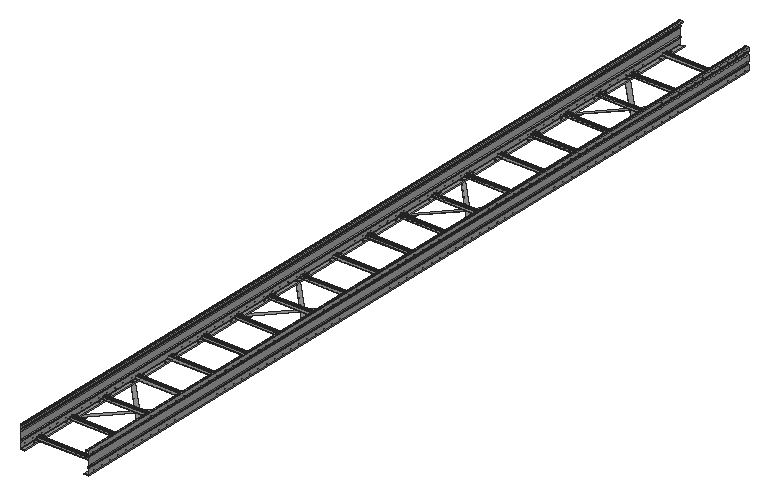
Revit family "Weitspannkabelleiter-WKLG 1650gelochter Seitenholm, FS,FT,FT SO,A4", category Generic Models, Revit 2017 (continued)
Forms (mm)
  Extrusion 413, solid, material "Hot-dip galvanised" <- "Material"
    sketch origin (0, 1500, 0) x (0, 1, 0) y (0, 0, 1)
      loop
        arc (137.702, 17.841) -> (137.073, 17.619) -> (136.724, 17.05) r 1
        line (136.724, 17.05) -> (133.772, 3.209)
        arc (133.772, 3.209) -> (133.973, 2.371) -> (134.75, 2) r 1
        line (134.75, 2) -> (167.213, 2)
        arc (167.213, 2) -> (167.99, 2.371) -> (168.191, 3.209) r 1
        line (168.191, 3.209) -> (165.239, 17.05)
        arc (165.239, 17.05) -> (164.89, 17.619) -> (164.261, 17.841) r 1
        line (164.261, 17.841) -> (159.501, 17.841) -> (159.501, 16.341) -> (163.047, 16.341)
        arc (163.047, 16.341) -> (163.676, 16.119) -> (164.025, 15.55) r 1
        line (164.025, 15.55) -> (166.337, 4.709)
        arc (166.337, 4.709) -> (166.136, 3.871) -> (165.359, 3.5) r 1
        line (165.359, 3.5) -> (136.604, 3.5)
        arc (136.604, 3.5) -> (135.827, 3.871) -> (135.626, 4.709) r 1
        line (135.626, 4.709) -> (137.938, 15.55)
        arc (137.938, 15.55) -> (138.287, 16.119) -> (138.916, 16.341) r 1
        line (138.916, 16.341) -> (142.951, 16.341) -> (142.951, 17.841) -> (137.702, 17.841)
    from -248 to 248
  Extrusion 414, void
    sketch origin (0, 1500, 0) x (1, 0, 0) y (0, 1, 0)
      loop
        circle (-237.5, 150.088) r 2.75
      loop
        circle (-207.5, 150.088) r 3.5
      loop
        circle (237.5, 150.088) r 2.75
      loop
        circle (207.5, 150.088) r 3.458
    from 0 to 3.538
  Extrusion 415, solid, material "Hot-dip galvanised" <- "Material"
    sketch origin (0, 1800, 0) x (0, 1, 0) y (0, 0, 1)
      loop
        arc (137.702, 17.841) -> (137.073, 17.619) -> (136.724, 17.05) r 1
        line (136.724, 17.05) -> (133.772, 3.209)
        arc (133.772, 3.209) -> (133.973, 2.371) -> (134.75, 2) r 1
        line (134.75, 2) -> (167.213, 2)
        arc (167.213, 2) -> (167.99, 2.371) -> (168.191, 3.209) r 1
        line (168.191, 3.209) -> (165.239, 17.05)
        arc (165.239, 17.05) -> (164.89, 17.619) -> (164.261, 17.841) r 1
        line (164.261, 17.841) -> (159.501, 17.841) -> (159.501, 16.341) -> (163.047, 16.341)
        arc (163.047, 16.341) -> (163.676, 16.119) -> (164.025, 15.55) r 1
        line (164.025, 15.55) -> (166.337, 4.709)
        arc (166.337, 4.709) -> (166.136, 3.871) -> (165.359, 3.5) r 1
        line (165.359, 3.5) -> (136.604, 3.5)
        arc (136.604, 3.5) -> (135.827, 3.871) -> (135.626, 4.709) r 1
        line (135.626, 4.709) -> (137.938, 15.55)
        arc (137.938, 15.55) -> (138.287, 16.119) -> (138.916, 16.341) r 1
        line (138.916, 16.341) -> (142.951, 16.341) -> (142.951, 17.841) -> (137.702, 17.841)
    from -248 to 248
  Extrusion 416, void
    sketch origin (0, 1800, 0) x (1, 0, 0) y (0, 1, 0)
      loop
        circle (-237.5, 150.088) r 2.75
      loop
        circle (-207.5, 150.088) r 3.5
      loop
        circle (237.5, 150.088) r 2.75
      loop
        circle (207.5, 150.088) r 3.458
    from 0 to 3.538
  Extrusion 417, solid, material "Hot-dip galvanised" <- "Material"
    sketch origin (0, 2100, 0) x (0, 1, 0) y (0, 0, 1)
      loop
        arc (137.702, 17.841) -> (137.073, 17.619) -> (136.724, 17.05) r 1
        line (136.724, 17.05) -> (133.772, 3.209)
        arc (133.772, 3.209) -> (133.973, 2.371) -> (134.75, 2) r 1
        line (134.75, 2) -> (167.213, 2)
        arc (167.213, 2) -> (167.99, 2.371) -> (168.191, 3.209) r 1
        line (168.191, 3.209) -> (165.239, 17.05)
        arc (165.239, 17.05) -> (164.89, 17.619) -> (164.261, 17.841) r 1
        line (164.261, 17.841) -> (159.501, 17.841) -> (159.501, 16.341) -> (163.047, 16.341)
        arc (163.047, 16.341) -> (163.676, 16.119) -> (164.025, 15.55) r 1
        line (164.025, 15.55) -> (166.337, 4.709)
        arc (166.337, 4.709) -> (166.136, 3.871) -> (165.359, 3.5) r 1
        line (165.359, 3.5) -> (136.604, 3.5)
        arc (136.604, 3.5) -> (135.827, 3.871) -> (135.626, 4.709) r 1
        line (135.626, 4.709) -> (137.938, 15.55)
        arc (137.938, 15.55) -> (138.287, 16.119) -> (138.916, 16.341) r 1
        line (138.916, 16.341) -> (142.951, 16.341) -> (142.951, 17.841) -> (137.702, 17.841)
    from -248 to 248
  Extrusion 418, void
    sketch origin (0, 2100, 0) x (1, 0, 0) y (0, 1, 0)
      loop
        circle (-237.5, 150.088) r 2.75
      loop
        circle (-207.5, 150.088) r 3.5
      loop
        circle (237.5, 150.088) r 2.75
      loop
        circle (207.5, 150.088) r 3.458
    from 0 to 3.538
  Extrusion 419, solid, material "Hot-dip galvanised" <- "Material"
    sketch origin (0, 2400, 0) x (0, 1, 0) y (0, 0, 1)
      loop
        arc (137.702, 17.841) -> (137.073, 17.619) -> (136.724, 17.05) r 1
        line (136.724, 17.05) -> (133.772, 3.209)
        arc (133.772, 3.209) -> (133.973, 2.371) -> (134.75, 2) r 1
        line (134.75, 2) -> (167.213, 2)
        arc (167.213, 2) -> (167.99, 2.371) -> (168.191, 3.209) r 1
        line (168.191, 3.209) -> (165.239, 17.05)
        arc (165.239, 17.05) -> (164.89, 17.619) -> (164.261, 17.841) r 1
        line (164.261, 17.841) -> (159.501, 17.841) -> (159.501, 16.341) -> (163.047, 16.341)
        arc (163.047, 16.341) -> (163.676, 16.119) -> (164.025, 15.55) r 1
        line (164.025, 15.55) -> (166.337, 4.709)
        arc (166.337, 4.709) -> (166.136, 3.871) -> (165.359, 3.5) r 1
        line (165.359, 3.5) -> (136.604, 3.5)
        arc (136.604, 3.5) -> (135.827, 3.871) -> (135.626, 4.709) r 1
        line (135.626, 4.709) -> (137.938, 15.55)
        arc (137.938, 15.55) -> (138.287, 16.119) -> (138.916, 16.341) r 1
        line (138.916, 16.341) -> (142.951, 16.341) -> (142.951, 17.841) -> (137.702, 17.841)
    from -248 to 248
  Extrusion 420, void
    sketch origin (0, 2400, 0) x (1, 0, 0) y (0, 1, 0)
      loop
        circle (-237.5, 150.088) r 2.75
      loop
        circle (-207.5, 150.088) r 3.5
      loop
        circle (237.5, 150.088) r 2.75
      loop
        circle (207.5, 150.088) r 3.458
    from 0 to 3.538
  Extrusion 421, solid, material "Hot-dip galvanised" <- "Material"
    sketch origin (0, 2700, 0) x (0, 1, 0) y (0, 0, 1)
      loop
        arc (137.702, 17.841) -> (137.073, 17.619) -> (136.724, 17.05) r 1
        line (136.724, 17.05) -> (133.772, 3.209)
        arc (133.772, 3.209) -> (133.973, 2.371) -> (134.75, 2) r 1
        line (134.75, 2) -> (167.213, 2)
        arc (167.213, 2) -> (167.99, 2.371) -> (168.191, 3.209) r 1
        line (168.191, 3.209) -> (165.239, 17.05)
        arc (165.239, 17.05) -> (164.89, 17.619) -> (164.261, 17.841) r 1
        line (164.261, 17.841) -> (159.501, 17.841) -> (159.501, 16.341) -> (163.047, 16.341)
        arc (163.047, 16.341) -> (163.676, 16.119) -> (164.025, 15.55) r 1
        line (164.025, 15.55) -> (166.337, 4.709)
        arc (166.337, 4.709) -> (166.136, 3.871) -> (165.359, 3.5) r 1
        line (165.359, 3.5) -> (136.604, 3.5)
        arc (136.604, 3.5) -> (135.827, 3.871) -> (135.626, 4.709) r 1
        line (135.626, 4.709) -> (137.938, 15.55)
        arc (137.938, 15.55) -> (138.287, 16.119) -> (138.916, 16.341) r 1
        line (138.916, 16.341) -> (142.951, 16.341) -> (142.951, 17.841) -> (137.702, 17.841)
    from -248 to 248
  Extrusion 422, void
    sketch origin (0, 2700, 0) x (1, 0, 0) y (0, 1, 0)
      loop
        circle (-237.5, 150.088) r 2.75
      loop
        circle (-207.5, 150.088) r 3.5
      loop
        circle (237.5, 150.088) r 2.75
      loop
        circle (207.5, 150.088) r 3.458
    from 0 to 3.538
  Extrusion 423, solid, material "Hot-dip galvanised" <- "Material"
    sketch origin (0, 3000, 0) x (0, 1, 0) y (0, 0, 1)
      loop
        arc (137.702, 17.841) -> (137.073, 17.619) -> (136.724, 17.05) r 1
        line (136.724, 17.05) -> (133.772, 3.209)
        arc (133.772, 3.209) -> (133.973, 2.371) -> (134.75, 2) r 1
        line (134.75, 2) -> (167.213, 2)
        arc (167.213, 2) -> (167.99, 2.371) -> (168.191, 3.209) r 1
        line (168.191, 3.209) -> (165.239, 17.05)
        arc (165.239, 17.05) -> (164.89, 17.619) -> (164.261, 17.841) r 1
        line (164.261, 17.841) -> (159.501, 17.841) -> (159.501, 16.341) -> (163.047, 16.341)
        arc (163.047, 16.341) -> (163.676, 16.119) -> (164.025, 15.55) r 1
        line (164.025, 15.55) -> (166.337, 4.709)
        arc (166.337, 4.709) -> (166.136, 3.871) -> (165.359, 3.5) r 1
        line (165.359, 3.5) -> (136.604, 3.5)
        arc (136.604, 3.5) -> (135.827, 3.871) -> (135.626, 4.709) r 1
        line (135.626, 4.709) -> (137.938, 15.55)
        arc (137.938, 15.55) -> (138.287, 16.119) -> (138.916, 16.341) r 1
        line (138.916, 16.341) -> (142.951, 16.341) -> (142.951, 17.841) -> (137.702, 17.841)
    from -248 to 248
  Extrusion 424, void
    sketch origin (0, 3000, 0) x (1, 0, 0) y (0, 1, 0)
      loop
        circle (-237.5, 150.088) r 2.75
      loop
        circle (-207.5, 150.088) r 3.5
      loop
        circle (237.5, 150.088) r 2.75
      loop
        circle (207.5, 150.088) r 3.458
    from 0 to 3.538
  Extrusion 425, solid, material "Hot-dip galvanised" <- "Material"
    sketch origin (0, 3300, 0) x (0, 1, 0) y (0, 0, 1)
      loop
        arc (137.702, 17.841) -> (137.073, 17.619) -> (136.724, 17.05) r 1
        line (136.724, 17.05) -> (133.772, 3.209)
        arc (133.772, 3.209) -> (133.973, 2.371) -> (134.75, 2) r 1
        line (134.75, 2) -> (167.213, 2)
        arc (167.213, 2) -> (167.99, 2.371) -> (168.191, 3.209) r 1
        line (168.191, 3.209) -> (165.239, 17.05)
        arc (165.239, 17.05) -> (164.89, 17.619) -> (164.261, 17.841) r 1
        line (164.261, 17.841) -> (159.501, 17.841) -> (159.501, 16.341) -> (163.047, 16.341)
        arc (163.047, 16.341) -> (163.676, 16.119) -> (164.025, 15.55) r 1
        line (164.025, 15.55) -> (166.337, 4.709)
        arc (166.337, 4.709) -> (166.136, 3.871) -> (165.359, 3.5) r 1
        line (165.359, 3.5) -> (136.604, 3.5)
        arc (136.604, 3.5) -> (135.827, 3.871) -> (135.626, 4.709) r 1
        line (135.626, 4.709) -> (137.938, 15.55)
        arc (137.938, 15.55) -> (138.287, 16.119) -> (138.916, 16.341) r 1
        line (138.916, 16.341) -> (142.951, 16.341) -> (142.951, 17.841) -> (137.702, 17.841)
    from -248 to 248
  Extrusion 426, void
    sketch origin (0, 3300, 0) x (1, 0, 0) y (0, 1, 0)
      loop
        circle (-237.5, 150.088) r 2.75
      loop
        circle (-207.5, 150.088) r 3.5
      loop
        circle (237.5, 150.088) r 2.75
      loop
        circle (207.5, 150.088) r 3.458
    from 0 to 3.538
  Extrusion 427, solid, material "Hot-dip galvanised" <- "Material"
    sketch origin (0, 3600, 0) x (0, 1, 0) y (0, 0, 1)
      loop
        arc (137.702, 17.841) -> (137.073, 17.619) -> (136.724, 17.05) r 1
        line (136.724, 17.05) -> (133.772, 3.209)
        arc (133.772, 3.209) -> (133.973, 2.371) -> (134.75, 2) r 1
        line (134.75, 2) -> (167.213, 2)
        arc (167.213, 2) -> (167.99, 2.371) -> (168.191, 3.209) r 1
        line (168.191, 3.209) -> (165.239, 17.05)
        arc (165.239, 17.05) -> (164.89, 17.619) -> (164.261, 17.841) r 1
        line (164.261, 17.841) -> (159.501, 17.841) -> (159.501, 16.341) -> (163.047, 16.341)
        arc (163.047, 16.341) -> (163.676, 16.119) -> (164.025, 15.55) r 1
        line (164.025, 15.55) -> (166.337, 4.709)
        arc (166.337, 4.709) -> (166.136, 3.871) -> (165.359, 3.5) r 1
        line (165.359, 3.5) -> (136.604, 3.5)
        arc (136.604, 3.5) -> (135.827, 3.871) -> (135.626, 4.709) r 1
        line (135.626, 4.709) -> (137.938, 15.55)
        arc (137.938, 15.55) -> (138.287, 16.119) -> (138.916, 16.341) r 1
        line (138.916, 16.341) -> (142.951, 16.341) -> (142.951, 17.841) -> (137.702, 17.841)
    from -248 to 248
  Extrusion 428, void
    sketch origin (0, 3600, 0) x (1, 0, 0) y (0, 1, 0)
      loop
        circle (-237.5, 150.088) r 2.75
      loop
        circle (-207.5, 150.088) r 3.5
      loop
        circle (237.5, 150.088) r 2.75
      loop
        circle (207.5, 150.088) r 3.458
    from 0 to 3.538
  Extrusion 429, solid, material "Hot-dip galvanised" <- "Material"
    sketch origin (0, 3900, 0) x (0, 1, 0) y (0, 0, 1)
      loop
        arc (137.702, 17.841) -> (137.073, 17.619) -> (136.724, 17.05) r 1
        line (136.724, 17.05) -> (133.772, 3.209)
        arc (133.772, 3.209) -> (133.973, 2.371) -> (134.75, 2) r 1
        line (134.75, 2) -> (167.213, 2)
        arc (167.213, 2) -> (167.99, 2.371) -> (168.191, 3.209) r 1
        line (168.191, 3.209) -> (165.239, 17.05)
        arc (165.239, 17.05) -> (164.89, 17.619) -> (164.261, 17.841) r 1
        line (164.261, 17.841) -> (159.501, 17.841) -> (159.501, 16.341) -> (163.047, 16.341)
        arc (163.047, 16.341) -> (163.676, 16.119) -> (164.025, 15.55) r 1
        line (164.025, 15.55) -> (166.337, 4.709)
        arc (166.337, 4.709) -> (166.136, 3.871) -> (165.359, 3.5) r 1
        line (165.359, 3.5) -> (136.604, 3.5)
        arc (136.604, 3.5) -> (135.827, 3.871) -> (135.626, 4.709) r 1
        line (135.626, 4.709) -> (137.938, 15.55)
        arc (137.938, 15.55) -> (138.287, 16.119) -> (138.916, 16.341) r 1
        line (138.916, 16.341) -> (142.951, 16.341) -> (142.951, 17.841) -> (137.702, 17.841)
    from -248 to 248
  Extrusion 430, void
    sketch origin (0, 3900, 0) x (1, 0, 0) y (0, 1, 0)
      loop
        circle (-237.5, 150.088) r 2.75
      loop
        circle (-207.5, 150.088) r 3.5
      loop
        circle (237.5, 150.088) r 2.75
      loop
        circle (207.5, 150.088) r 3.458
    from 0 to 3.538
  Extrusion 431, solid, material "Hot-dip galvanised" <- "Material"
    sketch origin (0, 4200, 0) x (0, 1, 0) y (0, 0, 1)
      loop
        arc (137.702, 17.841) -> (137.073, 17.619) -> (136.724, 17.05) r 1
        line (136.724, 17.05) -> (133.772, 3.209)
        arc (133.772, 3.209) -> (133.973, 2.371) -> (134.75, 2) r 1
        line (134.75, 2) -> (167.213, 2)
        arc (167.213, 2) -> (167.99, 2.371) -> (168.191, 3.209) r 1
        line (168.191, 3.209) -> (165.239, 17.05)
        arc (165.239, 17.05) -> (164.89, 17.619) -> (164.261, 17.841) r 1
        line (164.261, 17.841) -> (159.501, 17.841) -> (159.501, 16.341) -> (163.047, 16.341)
        arc (163.047, 16.341) -> (163.676, 16.119) -> (164.025, 15.55) r 1
        line (164.025, 15.55) -> (166.337, 4.709)
        arc (166.337, 4.709) -> (166.136, 3.871) -> (165.359, 3.5) r 1
        line (165.359, 3.5) -> (136.604, 3.5)
        arc (136.604, 3.5) -> (135.827, 3.871) -> (135.626, 4.709) r 1
        line (135.626, 4.709) -> (137.938, 15.55)
        arc (137.938, 15.55) -> (138.287, 16.119) -> (138.916, 16.341) r 1
        line (138.916, 16.341) -> (142.951, 16.341) -> (142.951, 17.841) -> (137.702, 17.841)
    from -248 to 248
  Extrusion 432, void
    sketch origin (0, 4200, 0) x (1, 0, 0) y (0, 1, 0)
      loop
        circle (-237.5, 150.088) r 2.75
      loop
        circle (-207.5, 150.088) r 3.5
      loop
        circle (237.5, 150.088) r 2.75
      loop
        circle (207.5, 150.088) r 3.458
    from 0 to 3.538
  Extrusion 433, solid, material "Hot-dip galvanised" <- "Material"
    sketch origin (0, 4500, 0) x (0, 1, 0) y (0, 0, 1)
      loop
        arc (137.702, 17.841) -> (137.073, 17.619) -> (136.724, 17.05) r 1
        line (136.724, 17.05) -> (133.772, 3.209)
        arc (133.772, 3.209) -> (133.973, 2.371) -> (134.75, 2) r 1
        line (134.75, 2) -> (167.213, 2)
        arc (167.213, 2) -> (167.99, 2.371) -> (168.191, 3.209) r 1
        line (168.191, 3.209) -> (165.239, 17.05)
        arc (165.239, 17.05) -> (164.89, 17.619) -> (164.261, 17.841) r 1
        line (164.261, 17.841) -> (159.501, 17.841) -> (159.501, 16.341) -> (163.047, 16.341)
        arc (163.047, 16.341) -> (163.676, 16.119) -> (164.025, 15.55) r 1
        line (164.025, 15.55) -> (166.337, 4.709)
        arc (166.337, 4.709) -> (166.136, 3.871) -> (165.359, 3.5) r 1
        line (165.359, 3.5) -> (136.604, 3.5)
        arc (136.604, 3.5) -> (135.827, 3.871) -> (135.626, 4.709) r 1
        line (135.626, 4.709) -> (137.938, 15.55)
        arc (137.938, 15.55) -> (138.287, 16.119) -> (138.916, 16.341) r 1
        line (138.916, 16.341) -> (142.951, 16.341) -> (142.951, 17.841) -> (137.702, 17.841)
    from -248 to 248
  Extrusion 434, void
    sketch origin (0, 4500, 0) x (1, 0, 0) y (0, 1, 0)
      loop
        circle (-237.5, 150.088) r 2.75
      loop
        circle (-207.5, 150.088) r 3.5
      loop
        circle (237.5, 150.088) r 2.75
      loop
        circle (207.5, 150.088) r 3.458
    from 0 to 3.538
  Extrusion 435, solid, material "Hot-dip galvanised" <- "Material"
    sketch origin (0, 4800, 0) x (0, 1, 0) y (0, 0, 1)
      loop
        arc (137.702, 17.841) -> (137.073, 17.619) -> (136.724, 17.05) r 1
        line (136.724, 17.05) -> (133.772, 3.209)
        arc (133.772, 3.209) -> (133.973, 2.371) -> (134.75, 2) r 1
        line (134.75, 2) -> (167.213, 2)
        arc (167.213, 2) -> (167.99, 2.371) -> (168.191, 3.209) r 1
        line (168.191, 3.209) -> (165.239, 17.05)
        arc (165.239, 17.05) -> (164.89, 17.619) -> (164.261, 17.841) r 1
        line (164.261, 17.841) -> (159.501, 17.841) -> (159.501, 16.341) -> (163.047, 16.341)
        arc (163.047, 16.341) -> (163.676, 16.119) -> (164.025, 15.55) r 1
        line (164.025, 15.55) -> (166.337, 4.709)
        arc (166.337, 4.709) -> (166.136, 3.871) -> (165.359, 3.5) r 1
        line (165.359, 3.5) -> (136.604, 3.5)
        arc (136.604, 3.5) -> (135.827, 3.871) -> (135.626, 4.709) r 1
        line (135.626, 4.709) -> (137.938, 15.55)
        arc (137.938, 15.55) -> (138.287, 16.119) -> (138.916, 16.341) r 1
        line (138.916, 16.341) -> (142.951, 16.341) -> (142.951, 17.841) -> (137.702, 17.841)
    from -248 to 248
  Extrusion 436, void
    sketch origin (0, 4800, 0) x (1, 0, 0) y (0, 1, 0)
      loop
        circle (-237.5, 150.088) r 2.75
      loop
        circle (-207.5, 150.088) r 3.5
      loop
        circle (237.5, 150.088) r 2.75
      loop
        circle (207.5, 150.088) r 3.458
    from 0 to 3.538
  Extrusion 437, solid, material "Hot-dip galvanised" <- "Material"
    sketch origin (0, 5100, 0) x (0, 1, 0) y (0, 0, 1)
      loop
        arc (137.702, 17.841) -> (137.073, 17.619) -> (136.724, 17.05) r 1
        line (136.724, 17.05) -> (133.772, 3.209)
        arc (133.772, 3.209) -> (133.973, 2.371) -> (134.75, 2) r 1
        line (134.75, 2) -> (167.213, 2)
        arc (167.213, 2) -> (167.99, 2.371) -> (168.191, 3.209) r 1
        line (168.191, 3.209) -> (165.239, 17.05)
        arc (165.239, 17.05) -> (164.89, 17.619) -> (164.261, 17.841) r 1
        line (164.261, 17.841) -> (159.501, 17.841) -> (159.501, 16.341) -> (163.047, 16.341)
        arc (163.047, 16.341) -> (163.676, 16.119) -> (164.025, 15.55) r 1
        line (164.025, 15.55) -> (166.337, 4.709)
        arc (166.337, 4.709) -> (166.136, 3.871) -> (165.359, 3.5) r 1
        line (165.359, 3.5) -> (136.604, 3.5)
        arc (136.604, 3.5) -> (135.827, 3.871) -> (135.626, 4.709) r 1
        line (135.626, 4.709) -> (137.938, 15.55)
        arc (137.938, 15.55) -> (138.287, 16.119) -> (138.916, 16.341) r 1
        line (138.916, 16.341) -> (142.951, 16.341) -> (142.951, 17.841) -> (137.702, 17.841)
    from -248 to 248
  Extrusion 438, void
    sketch origin (0, 5100, 0) x (1, 0, 0) y (0, 1, 0)
      loop
        circle (-237.5, 150.088) r 2.75
      loop
        circle (-207.5, 150.088) r 3.5
      loop
        circle (237.5, 150.088) r 2.75
      loop
        circle (207.5, 150.088) r 3.458
    from 0 to 3.538
  Extrusion 439, solid, material "Hot-dip galvanised" <- "Material"
    sketch origin (0, 5400, 0) x (0, 1, 0) y (0, 0, 1)
      loop
        arc (137.702, 17.841) -> (137.073, 17.619) -> (136.724, 17.05) r 1
        line (136.724, 17.05) -> (133.772, 3.209)
        arc (133.772, 3.209) -> (133.973, 2.371) -> (134.75, 2) r 1
        line (134.75, 2) -> (167.213, 2)
        arc (167.213, 2) -> (167.99, 2.371) -> (168.191, 3.209) r 1
        line (168.191, 3.209) -> (165.239, 17.05)
        arc (165.239, 17.05) -> (164.89, 17.619) -> (164.261, 17.841) r 1
        line (164.261, 17.841) -> (159.501, 17.841) -> (159.501, 16.341) -> (163.047, 16.341)
        arc (163.047, 16.341) -> (163.676, 16.119) -> (164.025, 15.55) r 1
        line (164.025, 15.55) -> (166.337, 4.709)
        arc (166.337, 4.709) -> (166.136, 3.871) -> (165.359, 3.5) r 1
        line (165.359, 3.5) -> (136.604, 3.5)
        arc (136.604, 3.5) -> (135.827, 3.871) -> (135.626, 4.709) r 1
        line (135.626, 4.709) -> (137.938, 15.55)
        arc (137.938, 15.55) -> (138.287, 16.119) -> (138.916, 16.341) r 1
        line (138.916, 16.341) -> (142.951, 16.341) -> (142.951, 17.841) -> (137.702, 17.841)
    from -248 to 248
  Extrusion 440, void
    sketch origin (0, 5400, 0) x (1, 0, 0) y (0, 1, 0)
      loop
        circle (-237.5, 150.088) r 2.75
      loop
        circle (-207.5, 150.088) r 3.5
      loop
        circle (237.5, 150.088) r 2.75
      loop
        circle (207.5, 150.088) r 3.458
    from 0 to 3.538
  Extrusion 441, solid, material "Hot-dip galvanised" <- "Material"
    sketch origin (0, 5700, 0) x (0, 1, 0) y (0, 0, 1)
      loop
        arc (137.702, 17.841) -> (137.073, 17.619) -> (136.724, 17.05) r 1
        line (136.724, 17.05) -> (133.772, 3.209)
        arc (133.772, 3.209) -> (133.973, 2.371) -> (134.75, 2) r 1
        line (134.75, 2) -> (167.213, 2)
        arc (167.213, 2) -> (167.99, 2.371) -> (168.191, 3.209) r 1
        line (168.191, 3.209) -> (165.239, 17.05)
        arc (165.239, 17.05) -> (164.89, 17.619) -> (164.261, 17.841) r 1
        line (164.261, 17.841) -> (159.501, 17.841) -> (159.501, 16.341) -> (163.047, 16.341)
        arc (163.047, 16.341) -> (163.676, 16.119) -> (164.025, 15.55) r 1
        line (164.025, 15.55) -> (166.337, 4.709)
        arc (166.337, 4.709) -> (166.136, 3.871) -> (165.359, 3.5) r 1
        line (165.359, 3.5) -> (136.604, 3.5)
        arc (136.604, 3.5) -> (135.827, 3.871) -> (135.626, 4.709) r 1
        line (135.626, 4.709) -> (137.938, 15.55)
        arc (137.938, 15.55) -> (138.287, 16.119) -> (138.916, 16.341) r 1
        line (138.916, 16.341) -> (142.951, 16.341) -> (142.951, 17.841) -> (137.702, 17.841)
    from -248 to 248
  Extrusion 442, void
    sketch origin (0, 5700, 0) x (1, 0, 0) y (0, 1, 0)
      loop
        circle (-237.5, 150.088) r 2.75
      loop
        circle (-207.5, 150.088) r 3.5
      loop
        circle (237.5, 150.088) r 2.75
      loop
        circle (207.5, 150.088) r 3.458
    from 0 to 3.538
  Extrusion 443, solid, material "Hot-dip galvanised" <- "Material"
    sketch origin (0, 0, 0) x (1, 0, 0) y (0, 1, 0)
      loop
        line (-239.957, 507.316) -> (-228.606, 482.602) -> (239.223, 999.53) -> (221.523, 1017.23) -> (-239.957, 507.316)
    from -4 to -2
  Extrusion 444, solid, material "Hot-dip galvanised" <- "Material"
    sketch origin (0, 0, 0) x (1, 0, 0) y (0, 1, 0)
      loop
        line (-241.051, 994.206) -> (232, 486.922) -> (242.309, 512.524) -> (-224.86, 1013.501) -> (-241.051, 994.206)
    from -2 to 0
  Extrusion 445, solid, material "Hot-dip galvanised" <- "Material"
    sketch origin (0, 1500, 0) x (1, 0, 0) y (0, 1, 0)
      loop
        line (-239.957, 507.316) -> (-228.606, 482.602) -> (239.223, 999.53) -> (221.523, 1017.23) -> (-239.957, 507.316)
    from -4 to -2
  Extrusion 446, solid, material "Hot-dip galvanised" <- "Material"
    sketch origin (0, 1500, 0) x (1, 0, 0) y (0, 1, 0)
      loop
        line (-241.051, 994.206) -> (232, 486.922) -> (242.309, 512.524) -> (-224.86, 1013.501) -> (-241.051, 994.206)
    from -2 to 0
  Extrusion 447, solid, material "Hot-dip galvanised" <- "Material"
    sketch origin (0, 3000, 0) x (1, 0, 0) y (0, 1, 0)
      loop
        line (-239.957, 507.316) -> (-228.606, 482.602) -> (239.223, 999.53) -> (221.523, 1017.23) -> (-239.957, 507.316)
    from -4 to -2
  Extrusion 448, solid, material "Hot-dip galvanised" <- "Material"
    sketch origin (0, 3000, 0) x (1, 0, 0) y (0, 1, 0)
      loop
        line (-241.051, 994.206) -> (232, 486.922) -> (242.309, 512.524) -> (-224.86, 1013.501) -> (-241.051, 994.206)
    from -2 to 0
  Extrusion 449, solid, material "Hot-dip galvanised" <- "Material"
    sketch origin (0, 4500, 0) x (1, 0, 0) y (0, 1, 0)
      loop
        line (-239.957, 507.316) -> (-228.606, 482.602) -> (239.223, 999.53) -> (221.523, 1017.23) -> (-239.957, 507.316)
    from -4 to -2
  Extrusion 450, solid, material "Hot-dip galvanised" <- "Material"
    sketch origin (0, 4500, 0) x (1, 0, 0) y (0, 1, 0)
      loop
        line (-241.051, 994.206) -> (232, 486.922) -> (242.309, 512.524) -> (-224.86, 1013.501) -> (-241.051, 994.206)
    from -2 to 0
Cuts and joins
  Extrusion 2, Extrusion 3, Extrusion 4, Extrusion 5, Extrusion 6, Extrusion 7, Extrusion 8, Extrusion 9, Extrusion 10, Extrusion 11, Extrusion 12, Extrusion 13, Extrusion 14, Extrusion 15, Extrusion 16, Extrusion 17, Extrusion 18, Extrusion 19, Extrusion 20, Extrusion 21, Extrusion 22, Extrusion 23, Extrusion 24, Extrusion 25, Extrusion 26, Extrusion 27, Extrusion 28, Extrusion 29, Extrusion 30, Extrusion 31, Extrusion 32, Extrusion 33, Extrusion 34, Extrusion 35, Extrusion 36, Extrusion 37, Extrusion 38, Extrusion 39, Extrusion 40, Extrusion 41, Extrusion 42, Extrusion 43, Extrusion 44, Extrusion 45, Extrusion 46, Extrusion 47, Extrusion 48, Extrusion 49, Extrusion 50, Extrusion 51, Extrusion 52, Extrusion 53, Extrusion 54, Extrusion 55, Extrusion 56, Extrusion 57, Extrusion 58, Extrusion 59, Extrusion 60, Extrusion 61, Extrusion 62, Extrusion 63, Extrusion 64, Extrusion 65, Extrusion 66, Extrusion 67, Extrusion 68, Extrusion 69, Extrusion 70, Extrusion 71, Extrusion 72, Extrusion 73, Extrusion 74, Extrusion 75, Extrusion 76, Extrusion 77, Extrusion 78, Extrusion 79, Extrusion 80, Extrusion 81, Extrusion 82, Extrusion 83, Extrusion 84, Extrusion 85, Extrusion 86, Extrusion 87, Extrusion 88, Extrusion 89, Extrusion 90, Extrusion 91, Extrusion 92, Extrusion 93, Extrusion 94, Extrusion 95, Extrusion 96, Extrusion 97, Extrusion 98, Extrusion 99, Extrusion 100, Extrusion 101, Extrusion 102, Extrusion 103, Extrusion 104, Extrusion 105, Extrusion 106, Extrusion 107, Extrusion 108, Extrusion 109, Extrusion 110, Extrusion 111, Extrusion 112, Extrusion 113, Extrusion 114, Extrusion 115, Extrusion 116, Extrusion 117, Extrusion 118, Extrusion 119, Extrusion 120, Extrusion 121, Extrusion 122, Extrusion 123, Extrusion 124, Extrusion 125, Extrusion 126, Extrusion 127, Extrusion 128, Extrusion 129, Extrusion 130, Extrusion 131, Extrusion 132, Extrusion 133, Extrusion 134, Extrusion 135, Extrusion 136, Extrusion 137, Extrusion 138, Extrusion 139, Extrusion 140, Extrusion 141, Extrusion 142, Extrusion 143, Extrusion 144, Extrusion 145, Extrusion 146, Extrusion 147, Extrusion 148, Extrusion 149, Extrusion 150, Extrusion 151, Extrusion 152, Extrusion 153, Extrusion 154, Extrusion 155, Extrusion 156, Extrusion 157, Extrusion 158, Extrusion 159, Extrusion 160, Extrusion 161, Extrusion 162, Extrusion 163, Extrusion 164, Extrusion 165, Extrusion 166, Extrusion 167, Extrusion 168, Extrusion 169, Extrusion 170, Extrusion 171, Extrusion 172, Extrusion 173, Extrusion 174, Extrusion 175, Extrusion 176, Extrusion 177, Extrusion 178, Extrusion 179, Extrusion 180, Extrusion 181, Extrusion 182, Extrusion 183, Extrusion 184, Extrusion 185, Extrusion 186, Extrusion 187, Extrusion 188, Extrusion 189, Extrusion 190, Extrusion 191, Extrusion 192, Extrusion 193, Extrusion 194, Extrusion 195, Extrusion 196, Extrusion 197, Extrusion 198, Extrusion 199, Extrusion 200, Extrusion 201, Extrusion 202, Extrusion 203, Extrusion 204, Extrusion 205, Extrusion 206, Extrusion 207, Extrusion 208, Extrusion 209, Extrusion 210, Extrusion 211, Extrusion 212, Extrusion 213, Extrusion 214, Extrusion 215, Extrusion 216, Extrusion 217, Extrusion 218, Extrusion 219, Extrusion 220, Extrusion 221, Extrusion 222, Extrusion 223, Extrusion 224, Extrusion 225, Extrusion 226, Extrusion 227, Extrusion 228, Extrusion 229, Extrusion 230, Extrusion 231, Extrusion 232, Extrusion 233, Extrusion 234, Extrusion 235, Extrusion 236, Extrusion 237, Extrusion 238, Extrusion 239, Extrusion 240, Extrusion 241, Extrusion 242, Extrusion 243, Extrusion 244, Extrusion 245, Extrusion 246, Extrusion 247, Extrusion 248, Extrusion 249, Extrusion 250, Extrusion 251, Extrusion 252, Extrusion 253, Extrusion 254, Extrusion 255, Extrusion 256, Extrusion 257, Extrusion 258, Extrusion 259, Extrusion 260, Extrusion 261, Extrusion 262, Extrusion 263, Extrusion 264, Extrusion 265, Extrusion 266, Extrusion 267, Extrusion 268, Extrusion 269, Extrusion 270, Extrusion 271, Extrusion 272, Extrusion 273, Extrusion 274, Extrusion 275, Extrusion 276, Extrusion 277, Extrusion 278, Extrusion 279, Extrusion 280, Extrusion 281, Extrusion 282, Extrusion 283, Extrusion 284, Extrusion 285, Extrusion 286, Extrusion 287, Extrusion 288, Extrusion 289, Extrusion 290, Extrusion 291, Extrusion 292, Extrusion 293, Extrusion 294, Extrusion 295, Extrusion 296, Extrusion 297, Extrusion 298, Extrusion 299, Extrusion 300, Extrusion 301, Extrusion 302, Extrusion 303, Extrusion 304, Extrusion 305, Extrusion 306, Extrusion 307, Extrusion 308, Extrusion 309, Extrusion 310, Extrusion 311, Extrusion 312, Extrusion 313, Extrusion 314, Extrusion 315, Extrusion 316, Extrusion 317, Extrusion 318, Extrusion 319, Extrusion 320, Extrusion 321, Extrusion 323, Extrusion 324, Extrusion 325, Extrusion 326, Extrusion 327, Extrusion 328, Extrusion 329, Extrusion 330, Extrusion 331, Extrusion 332, Extrusion 333, Extrusion 334, Extrusion 335, Extrusion 336, Extrusion 337, Extrusion 338, Extrusion 339, Extrusion 340, Extrusion 341, Extrusion 342, Extrusion 343, Extrusion 344, Extrusion 345, Extrusion 346, Extrusion 347, Extrusion 348, Extrusion 349, Extrusion 350, Extrusion 351, Extrusion 352, Extrusion 353, Extrusion 354, Extrusion 355, Extrusion 356, Extrusion 357, Extrusion 358, Extrusion 359, Extrusion 360, Extrusion 361, Extrusion 362, Extrusion 363, Extrusion 364, Extrusion 365, Extrusion 366, Extrusion 367, Extrusion 368, Extrusion 369, Extrusion 370, Extrusion 371, Extrusion 372, Extrusion 373, Extrusion 374, Extrusion 375, Extrusion 376, Extrusion 377, Extrusion 378, Extrusion 379, Extrusion 380, Extrusion 381, Extrusion 382, Extrusion 383, Extrusion 384, Extrusion 385, Extrusion 386, Extrusion 387, Extrusion 388, Extrusion 389, Extrusion 390, Extrusion 391, Extrusion 392, Extrusion 393, Extrusion 394, Extrusion 395, Extrusion 396, Extrusion 397, Extrusion 398, Extrusion 399, Extrusion 400, Extrusion 401, Extrusion 402, Extrusion 403, Extrusion 406, Extrusion 408, Extrusion 410, Extrusion 412, Extrusion 414, Extrusion 416, Extrusion 418, Extrusion 420, Extrusion 422, Extrusion 424, Extrusion 426, Extrusion 428, Extrusion 430, Extrusion 432, Extrusion 434, Extrusion 436, Extrusion 438, Extrusion 440, Extrusion 442 cuts Extrusion 1
  Extrusion 403, Extrusion 406 cuts Extrusion 322
  Extrusion 406 cuts Extrusion 405
  Extrusion 408 cuts Extrusion 407
  Extrusion 410 cuts Extrusion 409
  Extrusion 412 cuts Extrusion 411
  Extrusion 414 cuts Extrusion 413
  Extrusion 416 cuts Extrusion 415
  Extrusion 418 cuts Extrusion 417
  Extrusion 420 cuts Extrusion 419
  Extrusion 422 cuts Extrusion 421
  Extrusion 424 cuts Extrusion 423
  Extrusion 426 cuts Extrusion 425
  Extrusion 428 cuts Extrusion 427
  Extrusion 430 cuts Extrusion 429
  Extrusion 432 cuts Extrusion 431
  Extrusion 434 cuts Extrusion 433
  Extrusion 436 cuts Extrusion 435
  Extrusion 438 cuts Extrusion 437
  Extrusion 440 cuts Extrusion 439
  Extrusion 442 cuts Extrusion 441
Dimensions and locks
  "Width 1": plane 3 "Center (Left/Right)" to Extrusion 1 sketch curve
  "Width 1": Extrusion 1 sketch curve to plane 3 "Center (Left/Right)"
  "Height": plane 4 to level
  locked: Extrusion 1 sketch curve to Extrusion 1 sketch curve at 20  (x2)
  locked: Extrusion 1 sketch curve to Extrusion 1 sketch curve at 10  (x2)
  Extrusion 1 sketch curve to Extrusion 1 sketch curve = 35 mm
  locked: plane 4 to plane 5 at 38
  locked: plane 5 to plane 6 at 70
  locked: Extrusion 1 sketch curve to Extrusion 1 sketch curve at 35
  locked: Extrusion 1 sketch curve to plane 7 at 38
  locked: plane 7 to plane 8 at 70
  "Length": Extrusion 1 to Extrusion 1
  locked: plane 12 to plane 1 "Center (Front/Back)" at 37.5
  locked: plane 11 to plane 13 at 20
  locked: Extrusion 2 sketch curve to Extrusion 2 sketch curve at 25
  locked: Extrusion 2 sketch curve to Extrusion 2 sketch curve at 9
  locked: cut or joined group 1 (Extrusion 1, Extrusion 2, Extrusion 3, Extrusion 4, Extrusion 5, Extrusion 6, Extrusion 7, Extrusion 8, Extrusion 9, Extrusion 10, Extrusion 11, Extrusion 12, Extrusion 13, Extrusion 14, Extrusion 15, Extrusion 16, Extrusion 17, Extrusion 18, Extrusion 19, Extrusion 20, Extrusion 21, Extrusion 22, Extrusion 23, Extrusion 24, Extrusion 25, Extrusion 26, Extrusion 27, Extrusion 28, Extrusion 29, Extrusion 30, Extrusion 31, Extrusion 32, Extrusion 33, Extrusion 34, Extrusion 35, Extrusion 36, Extrusion 37, Extrusion 38, Extrusion 39, Extrusion 40, Extrusion 41, Extrusion 42, Extrusion 43, Extrusion 44, Extrusion 45, Extrusion 46, Extrusion 47, Extrusion 48, Extrusion 49, Extrusion 50, Extrusion 51, Extrusion 52, Extrusion 53, Extrusion 54, Extrusion 55, Extrusion 56, Extrusion 57, Extrusion 58, Extrusion 59, Extrusion 60, Extrusion 61, Extrusion 62, Extrusion 63, Extrusion 64, Extrusion 65, Extrusion 66, Extrusion 67, Extrusion 68, Extrusion 69, Extrusion 70, Extrusion 71, Extrusion 72, Extrusion 73, Extrusion 74, Extrusion 75, Extrusion 76, Extrusion 77, Extrusion 78, Extrusion 79, Extrusion 80, Extrusion 81, Extrusion 82, Extrusion 83, Extrusion 84, Extrusion 85, Extrusion 86, Extrusion 87, Extrusion 88, Extrusion 89, Extrusion 90, Extrusion 91, Extrusion 92, Extrusion 93, Extrusion 94, Extrusion 95, Extrusion 96, Extrusion 97, Extrusion 98, Extrusion 99, Extrusion 100, Extrusion 101, Extrusion 102, Extrusion 103, Extrusion 104, Extrusion 105, Extrusion 106, Extrusion 107, Extrusion 108, Extrusion 109, Extrusion 110, Extrusion 111, Extrusion 112, Extrusion 113, Extrusion 114, Extrusion 115, Extrusion 116, Extrusion 117, Extrusion 118, Extrusion 119, Extrusion 120, Extrusion 121, Extrusion 122, Extrusion 123, Extrusion 124, Extrusion 125, Extrusion 126, Extrusion 127, Extrusion 128, Extrusion 129, Extrusion 130, Extrusion 131, Extrusion 132, Extrusion 133, Extrusion 134, Extrusion 135, Extrusion 136, Extrusion 137, Extrusion 138, Extrusion 139, Extrusion 140, Extrusion 141, Extrusion 142, Extrusion 143, Extrusion 144, Extrusion 145, Extrusion 146, Extrusion 147, Extrusion 148, Extrusion 149, Extrusion 150, Extrusion 151, Extrusion 152, Extrusion 153, Extrusion 154, Extrusion 155, Extrusion 156, Extrusion 157, Extrusion 158, Extrusion 159, Extrusion 160, Extrusion 161, Extrusion 162, Extrusion 163, Extrusion 164, Extrusion 165, Extrusion 166, Extrusion 167, Extrusion 168, Extrusion 169, Extrusion 170, Extrusion 171, Extrusion 172, Extrusion 173, Extrusion 174, Extrusion 175, Extrusion 176, Extrusion 177, Extrusion 178, Extrusion 179, Extrusion 180, Extrusion 181, Extrusion 182, Extrusion 183, Extrusion 184, Extrusion 185, Extrusion 186, Extrusion 187, Extrusion 188, Extrusion 189, Extrusion 190, Extrusion 191, Extrusion 192, Extrusion 193, Extrusion 194, Extrusion 195, Extrusion 196, Extrusion 197, Extrusion 198, Extrusion 199, Extrusion 200, Extrusion 201, Extrusion 202, Extrusion 203, Extrusion 204, Extrusion 205, Extrusion 206, Extrusion 207, Extrusion 208, Extrusion 209, Extrusion 210, Extrusion 211, Extrusion 212, Extrusion 213, Extrusion 214, Extrusion 215, Extrusion 216, Extrusion 217, Extrusion 218, Extrusion 219, Extrusion 220, Extrusion 221, Extrusion 222, Extrusion 223, Extrusion 224, Extrusion 225, Extrusion 226, Extrusion 227, Extrusion 228, Extrusion 229, Extrusion 230, Extrusion 231, Extrusion 232, Extrusion 233, Extrusion 234, Extrusion 235, Extrusion 236, Extrusion 237, Extrusion 238, Extrusion 239, Extrusion 240, Extrusion 241, Extrusion 242, Extrusion 243, Extrusion 244, Extrusion 245, Extrusion 246, Extrusion 247, Extrusion 248, Extrusion 249, Extrusion 250, Extrusion 251, Extrusion 252, Extrusion 253, Extrusion 254, Extrusion 255, Extrusion 256, Extrusion 257, Extrusion 258, Extrusion 259, Extrusion 260, Extrusion 261, Extrusion 262, Extrusion 263, Extrusion 264, Extrusion 265, Extrusion 266, Extrusion 267, Extrusion 268, Extrusion 269, Extrusion 270, Extrusion 271, Extrusion 272, Extrusion 273, Extrusion 274, Extrusion 275, Extrusion 276, Extrusion 277, Extrusion 278, Extrusion 279, Extrusion 280, Extrusion 281, Extrusion 282, Extrusion 283, Extrusion 284, Extrusion 285, Extrusion 286, Extrusion 287, Extrusion 288, Extrusion 289, Extrusion 290, Extrusion 291, Extrusion 292, Extrusion 293, Extrusion 294, Extrusion 295, Extrusion 296, Extrusion 297, Extrusion 298, Extrusion 299, Extrusion 300, Extrusion 301, Extrusion 302, Extrusion 303, Extrusion 304, Extrusion 305, Extrusion 306, Extrusion 307, Extrusion 308, Extrusion 309, Extrusion 310, Extrusion 311, Extrusion 312, Extrusion 313, Extrusion 314, Extrusion 315, Extrusion 316, Extrusion 317, Extrusion 318, Extrusion 319, Extrusion 320, Extrusion 321, Extrusion 323, Extrusion 324, Extrusion 325, Extrusion 326, Extrusion 327, Extrusion 328, Extrusion 329, Extrusion 330, Extrusion 331, Extrusion 332, Extrusion 333, Extrusion 334, Extrusion 335, Extrusion 336, Extrusion 337, Extrusion 338, Extrusion 339, Extrusion 340, Extrusion 341, Extrusion 342, Extrusion 343, Extrusion 344, Extrusion 345, Extrusion 346, Extrusion 347, Extrusion 348, Extrusion 349, Extrusion 350, Extrusion 351, Extrusion 352, Extrusion 353, Extrusion 354, Extrusion 355, Extrusion 356, Extrusion 357, Extrusion 358, Extrusion 359, Extrusion 360, Extrusion 361, Extrusion 362, Extrusion 363, Extrusion 364, Extrusion 365, Extrusion 366, Extrusion 367, Extrusion 368, Extrusion 369, Extrusion 370, Extrusion 371, Extrusion 372, Extrusion 373, Extrusion 374, Extrusion 375, Extrusion 376, Extrusion 377, Extrusion 378, Extrusion 379, Extrusion 380, Extrusion 381, Extrusion 382, Extrusion 383, Extrusion 384, Extrusion 385, Extrusion 386, Extrusion 387, Extrusion 388, Extrusion 389, Extrusion 390, Extrusion 391, Extrusion 392, Extrusion 393, Extrusion 394, Extrusion 395, Extrusion 396, Extrusion 397, Extrusion 398, Extrusion 399, Extrusion 400, Extrusion 401, Extrusion 402, Extrusion 403, Extrusion 406, Extrusion 408, Extrusion 410, Extrusion 412, Extrusion 414, Extrusion 416, Extrusion 418, Extrusion 420, Extrusion 422, Extrusion 424, Extrusion 426, Extrusion 428, Extrusion 430, Extrusion 432, Extrusion 434, Extrusion 436, Extrusion 438, Extrusion 440, Extrusion 442) to cut or joined group of Extrusion 1, Extrusion 2, Extrusion 3, Extrusion 4, Extrusion 5, Extrusion 6, Extrusion 7, Extrusion 8, Extrusion 9, Extrusion 10, Extrusion 11, Extrusion 12, Extrusion 13, Extrusion 14, Extrusion 15, Extrusion 16, Extrusion 17, Extrusion 18, Extrusion 19, Extrusion 20, Extrusion 21, Extrusion 22, Extrusion 23, Extrusion 24, Extrusion 25, Extrusion 26, Extrusion 27, Extrusion 28, Extrusion 29, Extrusion 30, Extrusion 31, Extrusion 32, Extrusion 33, Extrusion 34, Extrusion 35, Extrusion 36, Extrusion 37, Extrusion 38, Extrusion 39, Extrusion 40, Extrusion 41, Extrusion 42, Extrusion 43, Extrusion 44, Extrusion 45, Extrusion 46, Extrusion 47, Extrusion 48, Extrusion 49, Extrusion 50, Extrusion 51, Extrusion 52, Extrusion 53, Extrusion 54, Extrusion 55, Extrusion 56, Extrusion 57, Extrusion 58, Extrusion 59, Extrusion 60, Extrusion 61, Extrusion 62, Extrusion 63, Extrusion 64, Extrusion 65, Extrusion 66, Extrusion 67, Extrusion 68, Extrusion 69, Extrusion 70, Extrusion 71, Extrusion 72, Extrusion 73, Extrusion 74, Extrusion 75, Extrusion 76, Extrusion 77, Extrusion 78, Extrusion 79, Extrusion 80, Extrusion 81, Extrusion 82, Extrusion 83, Extrusion 84, Extrusion 85, Extrusion 86, Extrusion 87, Extrusion 88, Extrusion 89, Extrusion 90, Extrusion 91, Extrusion 92, Extrusion 93, Extrusion 94, Extrusion 95, Extrusion 96, Extrusion 97, Extrusion 98, Extrusion 99, Extrusion 100, Extrusion 101, Extrusion 102, Extrusion 103, Extrusion 104, Extrusion 105, Extrusion 106, Extrusion 107, Extrusion 108, Extrusion 109, Extrusion 110, Extrusion 111, Extrusion 112, Extrusion 113, Extrusion 114, Extrusion 115, Extrusion 116, Extrusion 117, Extrusion 118, Extrusion 119, Extrusion 120, Extrusion 121, Extrusion 122, Extrusion 123
    , Extrusion 124, Extrusion 125, Extrusion 126, Extrusion 127, Extrusion 128, Extrusion 129, Extrusion 130, Extrusion 131, Extrusion 132, Extrusion 133, Extrusion 134, Extrusion 135, Extrusion 136, Extrusion 137, Extrusion 138, Extrusion 139, Extrusion 140, Extrusion 141, Extrusion 142, Extrusion 143, Extrusion 144, Extrusion 145, Extrusion 146, Extrusion 147, Extrusion 148, Extrusion 149, Extrusion 150, Extrusion 151, Extrusion 152, Extrusion 153, Extrusion 154, Extrusion 155, Extrusion 156, Extrusion 157, Extrusion 158, Extrusion 159, Extrusion 160, Extrusion 161, Extrusion 162, Extrusion 163, Extrusion 164, Extrusion 165, Extrusion 166, Extrusion 167, Extrusion 168, Extrusion 169, Extrusion 170, Extrusion 171, Extrusion 172, Extrusion 173, Extrusion 174, Extrusion 175, Extrusion 176, Extrusion 177, Extrusion 178, Extrusion 179, Extrusion 180, Extrusion 181, Extrusion 182, Extrusion 183, Extrusion 184, Extrusion 185, Extrusion 186, Extrusion 187, Extrusion 188, Extrusion 189, Extrusion 190, Extrusion 191, Extrusion 192, Extrusion 193, Extrusion 194, Extrusion 195, Extrusion 196, Extrusion 197, Extrusion 198, Extrusion 199, Extrusion 200, Extrusion 201, Extrusion 202, Extrusion 203, Extrusion 204, Extrusion 205, Extrusion 206, Extrusion 207, Extrusion 208, Extrusion 209, Extrusion 210, Extrusion 211, Extrusion 212, Extrusion 213, Extrusion 214, Extrusion 215, Extrusion 216, Extrusion 217, Extrusion 218, Extrusion 219, Extrusion 220, Extrusion 221, Extrusion 222, Extrusion 223, Extrusion 224, Extrusion 225, Extrusion 226, Extrusion 227, Extrusion 228, Extrusion 229, Extrusion 230, Extrusion 231, Extrusion 232, Extrusion 233, Extrusion 234, Extrusion 235, Extrusion 236, Extrusion 237, Extrusion 238, Extrusion 239, Extrusion 240, Extrusion 241, Extrusion 242, Extrusion 243, Extrusion 244, Extrusion 245, Extrusion 246, Extrusion 247, Extrusion 248, Extrusion 249, Extrusion 250, Extrusion 251, Extrusion 252, Extrusion 253, Extrusion 254, Extrusion 255, Extrusion 256, Extrusion 257, Extrusion 258, Extrusion 259, Extrusion 260, Extrusion 261, Extrusion 262, Extrusion 263, Extrusion 264, Extrusion 265, Extrusion 266, Extrusion 267, Extrusion 268, Extrusion 269, Extrusion 270, Extrusion 271, Extrusion 272, Extrusion 273, Extrusion 274, Extrusion 275, Extrusion 276, Extrusion 277, Extrusion 278, Extrusion 279, Extrusion 280, Extrusion 281, Extrusion 282, Extrusion 283, Extrusion 284, Extrusion 285, Extrusion 286, Extrusion 287, Extrusion 288, Extrusion 289, Extrusion 290, Extrusion 291, Extrusion 292, Extrusion 293, Extrusion 294, Extrusion 295, Extrusion 296, Extrusion 297, Extrusion 298, Extrusion 299, Extrusion 300, Extrusion 301, Extrusion 302, Extrusion 303, Extrusion 304, Extrusion 305, Extrusion 306, Extrusion 307, Extrusion 308, Extrusion 309, Extrusion 310, Extrusion 311, Extrusion 312, Extrusion 313, Extrusion 314, Extrusion 315, Extrusion 316, Extrusion 317, Extrusion 318, Extrusion 319, Extrusion 320, Extrusion 321, Extrusion 323, Extrusion 324, Extrusion 325, Extrusion 326, Extrusion 327, Extrusion 328, Extrusion 329, Extrusion 330, Extrusion 331, Extrusion 332, Extrusion 333, Extrusion 334, Extrusion 335, Extrusion 336, Extrusion 337, Extrusion 338, Extrusion 339, Extrusion 340, Extrusion 341, Extrusion 342, Extrusion 343, Extrusion 344, Extrusion 345, Extrusion 346, Extrusion 347, Extrusion 348, Extrusion 349, Extrusion 350, Extrusion 351, Extrusion 352, Extrusion 353, Extrusion 354, Extrusion 355, Extrusion 356, Extrusion 357, Extrusion 358, Extrusion 359, Extrusion 360, Extrusion 361, Extrusion 362, Extrusion 363, Extrusion 364, Extrusion 365, Extrusion 366, Extrusion 367, Extrusion 368, Extrusion 369, Extrusion 370, Extrusion 371, Extrusion 372, Extrusion 373, Extrusion 374, Extrusion 375, Extrusion 376, Extrusion 377, Extrusion 378, Extrusion 379, Extrusion 380, Extrusion 381, Extrusion 382, Extrusion 383, Extrusion 384, Extrusion 385, Extrusion 386, Extrusion 387, Extrusion 388, Extrusion 389, Extrusion 390, Extrusion 391, Extrusion 392, Extrusion 393, Extrusion 394, Extrusion 395, Extrusion 396, Extrusion 397, Extrusion 398, Extrusion 399, Extrusion 400, Extrusion 401, Extrusion 402, Extrusion 403, Extrusion 406, Extrusion 408, Extrusion 410, Extrusion 412, Extrusion 414, Extrusion 416, Extrusion 418, Extrusion 420, Extrusion 422, Extrusion 424, Extrusion 426, Extrusion 428, Extrusion 430, Extrusion 432, Extrusion 434, Extrusion 436, Extrusion 438, Extrusion 440, Extrusion 442 at 2  (x18)
  locked: cut or joined group 1 to plane 14 at 20
  locked: plane 13 to plane 14 at 119.999
  locked: Extrusion 3 sketch curve to Extrusion 3 sketch curve at 25
  locked: Extrusion 4 sketch curve to Extrusion 4 sketch curve at 25
  locked: Extrusion 4 sketch curve to Extrusion 4 sketch curve at 9
  locked: Extrusion 5 sketch curve to Extrusion 5 sketch curve at 25
  locked: Extrusion 5 sketch curve to Extrusion 5 sketch curve at 9
  locked: Extrusion 6 sketch curve to Extrusion 6 sketch curve at 25
  locked: Extrusion 6 sketch curve to Extrusion 6 sketch curve at 9
  locked: Extrusion 7 sketch curve to Extrusion 7 sketch curve at 25
  locked: Extrusion 7 sketch curve to Extrusion 7 sketch curve at 9
  locked: Extrusion 8 sketch curve to Extrusion 8 sketch curve at 25
  locked: Extrusion 8 sketch curve to Extrusion 8 sketch curve at 9
  locked: Extrusion 9 sketch curve to Extrusion 9 sketch curve at 25
  locked: Extrusion 9 sketch curve to Extrusion 9 sketch curve at 9
  locked: Extrusion 10 sketch curve to Extrusion 10 sketch curve at 25
  locked: Extrusion 10 sketch curve to Extrusion 10 sketch curve at 9
  locked: Extrusion 11 sketch curve to Extrusion 11 sketch curve at 25
  locked: Extrusion 11 sketch curve to Extrusion 11 sketch curve at 9
  locked: Extrusion 12 sketch curve to Extrusion 12 sketch curve at 25
  locked: Extrusion 12 sketch curve to Extrusion 12 sketch curve at 9
  locked: Extrusion 13 sketch curve to Extrusion 13 sketch curve at 25
  locked: Extrusion 13 sketch curve to Extrusion 13 sketch curve at 9
  locked: Extrusion 14 sketch curve to Extrusion 14 sketch curve at 25
  locked: Extrusion 14 sketch curve to Extrusion 14 sketch curve at 9
  locked: Extrusion 15 sketch curve to Extrusion 15 sketch curve at 25
  locked: Extrusion 15 sketch curve to Extrusion 15 sketch curve at 9
  locked: Extrusion 16 sketch curve to Extrusion 16 sketch curve at 25
  locked: Extrusion 16 sketch curve to Extrusion 16 sketch curve at 9
  locked: Extrusion 17 sketch curve to Extrusion 17 sketch curve at 25
  locked: Extrusion 17 sketch curve to Extrusion 17 sketch curve at 9
  locked: Extrusion 18 sketch curve to Extrusion 18 sketch curve at 25
  locked: Extrusion 18 sketch curve to Extrusion 18 sketch curve at 9
  locked: Extrusion 19 sketch curve to Extrusion 19 sketch curve at 25
  locked: Extrusion 19 sketch curve to Extrusion 19 sketch curve at 9
  locked: Extrusion 20 sketch curve to Extrusion 20 sketch curve at 25
  locked: Extrusion 20 sketch curve to Extrusion 20 sketch curve at 9
  locked: Extrusion 21 sketch curve to Extrusion 21 sketch curve at 25
  locked: Extrusion 21 sketch curve to Extrusion 21 sketch curve at 9
  locked: Extrusion 22 sketch curve to Extrusion 22 sketch curve at 25
  locked: Extrusion 22 sketch curve to Extrusion 22 sketch curve at 9
  locked: Extrusion 23 sketch curve to Extrusion 23 sketch curve at 25
  locked: Extrusion 23 sketch curve to Extrusion 23 sketch curve at 9
  locked: Extrusion 24 sketch curve to Extrusion 24 sketch curve at 25
  locked: Extrusion 24 sketch curve to Extrusion 24 sketch curve at 9
  locked: Extrusion 25 sketch curve to Extrusion 25 sketch curve at 25
  locked: Extrusion 25 sketch curve to Extrusion 25 sketch curve at 9
  locked: Extrusion 26 sketch curve to Extrusion 26 sketch curve at 25
  locked: Extrusion 26 sketch curve to Extrusion 26 sketch curve at 9
  locked: Extrusion 27 sketch curve to Extrusion 27 sketch curve at 25
  locked: Extrusion 27 sketch curve to Extrusion 27 sketch curve at 9
  locked: Extrusion 28 sketch curve to Extrusion 28 sketch curve at 25
  locked: Extrusion 28 sketch curve to Extrusion 28 sketch curve at 9
  locked: Extrusion 29 sketch curve to Extrusion 29 sketch curve at 25
  locked: Extrusion 29 sketch curve to Extrusion 29 sketch curve at 9
  locked: Extrusion 30 sketch curve to Extrusion 30 sketch curve at 25
  locked: Extrusion 30 sketch curve to Extrusion 30 sketch curve at 9
  locked: Extrusion 31 sketch curve to Extrusion 31 sketch curve at 25
  locked: Extrusion 31 sketch curve to Extrusion 31 sketch curve at 9
  locked: Extrusion 32 sketch curve to Extrusion 32 sketch curve at 25
  locked: Extrusion 32 sketch curve to Extrusion 32 sketch curve at 9
  locked: Extrusion 33 sketch curve to Extrusion 33 sketch curve at 25
  locked: Extrusion 33 sketch curve to Extrusion 33 sketch curve at 9
  locked: Extrusion 34 sketch curve to Extrusion 34 sketch curve at 25
  locked: Extrusion 34 sketch curve to Extrusion 34 sketch curve at 9
  locked: Extrusion 35 sketch curve to Extrusion 35 sketch curve at 25
  locked: Extrusion 35 sketch curve to Extrusion 35 sketch curve at 9
  locked: Extrusion 36 sketch curve to Extrusion 36 sketch curve at 25
  locked: Extrusion 36 sketch curve to Extrusion 36 sketch curve at 9
  locked: Extrusion 37 sketch curve to Extrusion 37 sketch curve at 25
  locked: Extrusion 37 sketch curve to Extrusion 37 sketch curve at 9
  locked: Extrusion 38 sketch curve to Extrusion 38 sketch curve at 25
  locked: Extrusion 38 sketch curve to Extrusion 38 sketch curve at 9
  locked: Extrusion 39 sketch curve to Extrusion 39 sketch curve at 25
  locked: Extrusion 39 sketch curve to Extrusion 39 sketch curve at 9
  locked: Extrusion 40 sketch curve to Extrusion 40 sketch curve at 25
  locked: Extrusion 40 sketch curve to Extrusion 40 sketch curve at 9
  locked: Extrusion 41 sketch curve to Extrusion 41 sketch curve at 25
  locked: Extrusion 41 sketch curve to Extrusion 41 sketch curve at 9
  locked: Extrusion 42 sketch curve to Extrusion 42 sketch curve at 25
  locked: Extrusion 42 sketch curve to Extrusion 42 sketch curve at 9
  locked: Extrusion 43 sketch curve to Extrusion 43 sketch curve at 25
  locked: Extrusion 43 sketch curve to Extrusion 43 sketch curve at 9
  locked: Extrusion 44 sketch curve to Extrusion 44 sketch curve at 25
  locked: Extrusion 44 sketch curve to Extrusion 44 sketch curve at 9
  locked: Extrusion 45 sketch curve to Extrusion 45 sketch curve at 25
  locked: Extrusion 45 sketch curve to Extrusion 45 sketch curve at 9
  locked: Extrusion 46 sketch curve to Extrusion 46 sketch curve at 25
  locked: Extrusion 46 sketch curve to Extrusion 46 sketch curve at 9
  locked: Extrusion 47 sketch curve to Extrusion 47 sketch curve at 25
